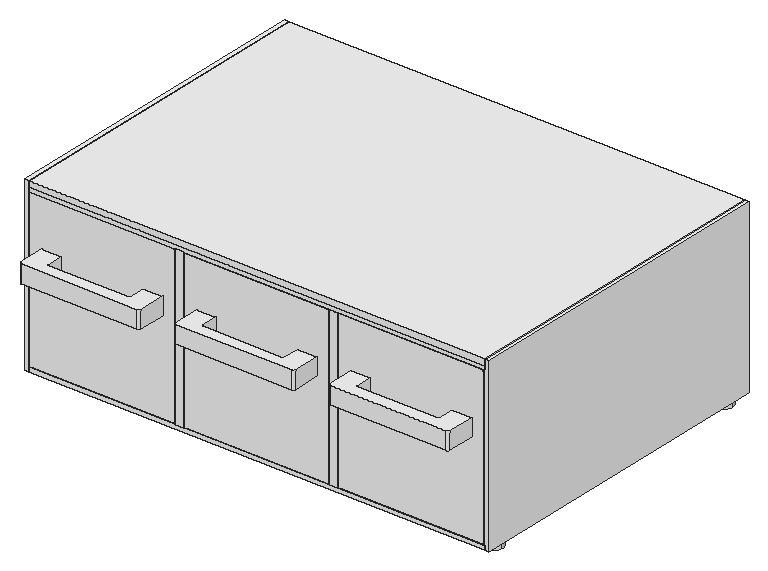
Revit family "QF_Vollrath_SBB33", category Specialty Equipment, Revit 2016
Family settings
  Part Type = Normal
  Round Connector Dimension = Use Diameter
  OmniClass Number = 23.40.40.00
  OmniClass Title = Food Service Equipment and Furnishings
  Work Plane-Based = Yes
  Always vertical = Yes
  Cut with Voids When Loaded = No
  Shared = No
  Room Calculation Point = No
Parameters
  Width = 20"
  Weight in Pounds = 0
  Watermarked By = ""
  URL Cutsheet = ""
  Specification by User [instance] = ""
  Specification by Manufacturer [instance] = ""
  Serial Number [instance] = ""
  Revision Code [instance] = ""
  NAFEM Spec ID Number [instance] = ""
  Model = "SBB33"
  Masterspec [instance] = ""
  Manufacturer = "Vollrath"
  Item Number [instance] = "-"
  Installed By [instance] = ""
  Height = 7 3/8"
  Furnished By [instance] = ""
  Foodservice Equipment Identifier = yes
  Description = "Full Size Case with 3 Drawers"
  Depth = 14"
  Default Elevation = 48"
  CSI MasterFormat = ""
Reference planes (in)
  plane 1 "BACK": y = 0
  plane 2 "BOTTOM": z = 0
  plane 3 "LEFT": x = -16.56573
  plane 4 "Center Left": x = -9.89906
  plane 5 "Front Inner": y = -14
  plane 6 "FRONT": y = -15.2462
  plane 7 "Bottom of Body": z = 0.38
  plane 8 "TOP": z = 7.755
  plane 9: z = 5.305
  plane 10 "Bottom Handle": z = 4.555
  plane 11 "Caster Left": x = -16.00573
  plane 12 "Caster Back": y = -0.56
  plane 13 "Caster Front": y = -13
  plane 14: x = -3.23239
  plane 15: x = 3.43427
  plane 16: x = 2.87177
Forms (in)
  Extrusion 1, solid, material "QF_Plastic-White-Transparent"
    sketch origin (0, 0, 0) x (1, 0, 0) y (0, 0, 1)
      loop
        line (-16.56573, 7.755) -> (-16.56573, 0.38) -> (-16.39573, 0.38) -> (-16.39573, 7.755) -> (-16.56573, 7.755)
    from 0 to 14
  Extrusion 2, solid, material "QF_Plastic-White-Transparent"
    sketch origin (0, 0, 0) x (1, 0, 0) y (0, 0, 1)
      loop
        line (3.43427, 7.755) -> (3.26427, 7.755) -> (3.26427, 0.38) -> (3.43427, 0.38) -> (3.43427, 7.755)
    from 0 to 14
  Extrusion 3, solid, material "QF_Plastic-White-Transparent"
    sketch origin (0, 0, 0) x (1, 0, 0) y (0, 0, 1)
      loop
        line (-16.39573, 0.38) -> (3.26427, 0.38) -> (3.26427, 0.55) -> (-16.39573, 0.55) -> (-16.39573, 0.38)
    from 0 to 14
  Extrusion 4, solid, material "QF_Plastic-White-Transparent"
    sketch origin (0, 0, 0) x (1, 0, 0) y (0, 0, 1)
      loop
        line (-16.39573, 7.755) -> (-16.39573, 7.505) -> (3.26427, 7.505) -> (3.26427, 7.755) -> (-16.39573, 7.755)
    from 0 to 14
  Extrusion 5, solid, material "QF_Plastic-White-Transparent"
    sketch origin (0, 0, 0) x (1, 0, 0) y (0, 0, 1)
      loop
        line (-16.39573, 7.505) -> (-16.39573, 7.335) -> (3.26427, 7.335) -> (3.26427, 7.505) -> (-16.39573, 7.505)
    from 0 to 14
  Extrusion 6, solid, material "QF_Plastic-White-Transparent"
    sketch origin (0, 0, 0) x (1, 0, 0) y (0, 0, 1)
      loop
        line (3.26427, 7.335) -> (-16.39573, 7.335) -> (-16.39573, 0.55) -> (3.26427, 0.55) -> (3.26427, 7.335)
    from 0 to 0.17
  Extrusion 7, solid, material "QF_Plastic-White-Transparent"
    sketch origin (0, -14, 0) x (1, 0, 0) y (0, 0, 1)
      loop
        arc (-10.14884, 0.57992) -> (-10.12674, 0.58907) -> (-10.11759, 0.61117) r 0.03125
        line (-10.11759, 0.61117) -> (-10.11759, 7.27442)
        arc (-10.11759, 7.27442) -> (-10.12674, 7.29651) -> (-10.14884, 7.30567) r 0.03125
        line (-10.14884, 7.30567) -> (-16.31585, 7.30567)
        arc (-16.31585, 7.30567) -> (-16.33812, 7.29644) -> (-16.34734, 7.27417) r 0.03149
        line (-16.34734, 7.27417) -> (-16.34734, 0.61135)
        arc (-16.34734, 0.61135) -> (-16.33814, 0.58912) -> (-16.31591, 0.57992) r 0.03143
        line (-16.31591, 0.57992) -> (-10.14884, 0.57992)
      loop
        line (-9.64928, 0.57992) -> (-3.4822, 0.57992)
        arc (-3.4822, 0.57992) -> (-3.45998, 0.58912) -> (-3.45077, 0.61135) r 0.03143
        line (-3.45077, 0.61135) -> (-3.45077, 7.27417)
        arc (-3.45077, 7.27417) -> (-3.46, 7.29644) -> (-3.48227, 7.30567) r 0.03149
        line (-3.48227, 7.30567) -> (-9.64928, 7.30567)
        arc (-9.64928, 7.30567) -> (-9.67138, 7.29651) -> (-9.68053, 7.27442) r 0.03125
        line (-9.68053, 7.27442) -> (-9.68053, 0.61117)
        arc (-9.68053, 0.61117) -> (-9.67138, 0.58907) -> (-9.64928, 0.57992) r 0.03125
      loop
        arc (3.1845, 0.57992) -> (3.20659, 0.58907) -> (3.21575, 0.61117) r 0.03125
        line (3.21575, 0.61117) -> (3.21575, 7.27442)
        arc (3.21575, 7.27442) -> (3.20659, 7.29651) -> (3.1845, 7.30567) r 0.03125
        line (3.1845, 7.30567) -> (-2.98252, 7.30567)
        arc (-2.98252, 7.30567) -> (-3.00479, 7.29644) -> (-3.01401, 7.27417) r 0.03149
        line (-3.01401, 7.27417) -> (-3.01401, 0.61135)
        arc (-3.01401, 0.61135) -> (-3.00481, 0.58912) -> (-2.98258, 0.57992) r 0.03143
        line (-2.98258, 0.57992) -> (3.1845, 0.57992)
    from 0 to -0.17
  Extrusion 8, solid, material "QF_Plastic-White-Transparent"
    sketch origin (0, -14, 0) x (1, 0, 0) y (0, 0, 1)
      loop
        line (-16.34734, 4.175) -> (-16.34734, 0.61)
        arc (-16.34734, 0.61) -> (-16.33856, 0.58879) -> (-16.31734, 0.58) r 0.03
        line (-16.31734, 0.58) -> (-10.14759, 0.58)
        arc (-10.14759, 0.58) -> (-10.12637, 0.58879) -> (-10.11759, 0.61) r 0.03
        line (-10.11759, 0.61) -> (-10.11759, 4.175) -> (-10.26906, 4.175) -> (-10.26906, 0.75) -> (-16.19573, 0.75) -> (-16.19573, 4.175) -> (-16.34734, 4.175)
      loop
        line (-3.45077, 4.175) -> (-3.60239, 4.175) -> (-3.60239, 0.75) -> (-9.52906, 0.75) -> (-9.52906, 4.175) -> (-9.68053, 4.175) -> (-9.68053, 0.61)
        arc (-9.68053, 0.61) -> (-9.67174, 0.58879) -> (-9.65053, 0.58) r 0.03
        line (-9.65053, 0.58) -> (-3.48077, 0.58)
        arc (-3.48077, 0.58) -> (-3.45956, 0.58879) -> (-3.45077, 0.61) r 0.03
        line (-3.45077, 0.61) -> (-3.45077, 4.175)
      loop
        line (-3.01401, 4.175) -> (-3.01401, 0.61)
        arc (-3.01401, 0.61) -> (-3.00522, 0.58879) -> (-2.98401, 0.58) r 0.03
        line (-2.98401, 0.58) -> (3.18575, 0.58)
        arc (3.18575, 0.58) -> (3.20696, 0.58879) -> (3.21575, 0.61) r 0.03
        line (3.21575, 0.61) -> (3.21575, 4.175) -> (3.06427, 4.175) -> (3.06427, 0.75) -> (-2.86239, 0.75) -> (-2.86239, 4.175) -> (-3.01401, 4.175)
    from -0.17 to -13.44
  Extrusion 9, solid, material "QF_Plastic-White-Transparent"
    sketch origin (0, -0.56, 0) x (1, 0, 0) y (0, 0, 1)
      loop
        line (-10.11759, 4.555) -> (-16.34734, 4.555) -> (-16.34734, 0.61)
        arc (-16.34734, 0.61) -> (-16.33856, 0.58879) -> (-16.31734, 0.58) r 0.03
        line (-16.31734, 0.58) -> (-10.14759, 0.58)
        arc (-10.14759, 0.58) -> (-10.12637, 0.58879) -> (-10.11759, 0.61) r 0.03
        line (-10.11759, 0.61) -> (-10.11759, 4.555)
      loop
        line (-9.68053, 4.555) -> (-9.68053, 0.61)
        arc (-9.68053, 0.61) -> (-9.67174, 0.58879) -> (-9.65053, 0.58) r 0.03
        line (-9.65053, 0.58) -> (-3.48077, 0.58)
        arc (-3.48077, 0.58) -> (-3.45956, 0.58879) -> (-3.45077, 0.61) r 0.03
        line (-3.45077, 0.61) -> (-3.45077, 4.555) -> (-9.68053, 4.555)
      loop
        line (3.21575, 4.555) -> (-3.01401, 4.555) -> (-3.01401, 0.61)
        arc (-3.01401, 0.61) -> (-3.00522, 0.58879) -> (-2.98401, 0.58) r 0.03
        line (-2.98401, 0.58) -> (3.18575, 0.58)
        arc (3.18575, 0.58) -> (3.20696, 0.58879) -> (3.21575, 0.61) r 0.03
        line (3.21575, 0.61) -> (3.21575, 4.555)
    from 0 to -0.17
  Extrusion 10, solid, material "QF_Plastic-White-Transparent"
    sketch origin (0, 0, 4.555) x (0, 1, 0) y (-1, 0, 0)
      loop
        line (-14, 15.82573) -> (-15.1462, 15.82573)
        arc (-15.1462, 15.82573) -> (-15.21691, 15.79644) -> (-15.2462, 15.72573) r 0.1
        line (-15.2462, 15.72573) -> (-15.2462, 10.73906)
        arc (-15.2462, 10.73906) -> (-15.21691, 10.66835) -> (-15.1462, 10.63906) r 0.1
        line (-15.1462, 10.63906) -> (-14, 10.63906) -> (-14, 11.45906) -> (-14.6862, 11.45906)
        arc (-14.6862, 11.45906) -> (-14.72156, 11.4737) -> (-14.7362, 11.50906) r 0.05
        line (-14.7362, 11.50906) -> (-14.7362, 14.95573)
        arc (-14.7362, 14.95573) -> (-14.72156, 14.99108) -> (-14.6862, 15.00573) r 0.05
        line (-14.6862, 15.00573) -> (-14, 15.00573) -> (-14, 15.82573)
      loop
        line (-14, 3.97239) -> (-14, 4.79239) -> (-14.6862, 4.79239)
        arc (-14.6862, 4.79239) -> (-14.72156, 4.80704) -> (-14.7362, 4.84239) r 0.05
        line (-14.7362, 4.84239) -> (-14.7362, 8.28906)
        arc (-14.7362, 8.28906) -> (-14.72156, 8.32441) -> (-14.6862, 8.33906) r 0.05
        line (-14.6862, 8.33906) -> (-14, 8.33906) -> (-14, 9.15906) -> (-15.1462, 9.15906)
        arc (-15.1462, 9.15906) -> (-15.21691, 9.12977) -> (-15.2462, 9.05906) r 0.1
        line (-15.2462, 9.05906) -> (-15.2462, 4.07239)
        arc (-15.2462, 4.07239) -> (-15.21691, 4.00168) -> (-15.1462, 3.97239) r 0.1
        line (-15.1462, 3.97239) -> (-14, 3.97239)
      loop
        line (-14, 2.49239) -> (-15.1462, 2.49239)
        arc (-15.1462, 2.49239) -> (-15.21691, 2.4631) -> (-15.2462, 2.39239) r 0.1
        line (-15.2462, 2.39239) -> (-15.2462, -2.59427)
        arc (-15.2462, -2.59427) -> (-15.21691, -2.66499) -> (-15.1462, -2.69427) r 0.1
        line (-15.1462, -2.69427) -> (-14, -2.69427) -> (-14, -1.87427) -> (-14.6862, -1.87427)
        arc (-14.6862, -1.87427) -> (-14.72156, -1.85963) -> (-14.7362, -1.82427) r 0.05
        line (-14.7362, -1.82427) -> (-14.7362, 1.62239)
        arc (-14.7362, 1.62239) -> (-14.72156, 1.65775) -> (-14.6862, 1.67239) r 0.05
        line (-14.6862, 1.67239) -> (-14, 1.67239) -> (-14, 2.49239)
    from 0 to 0.75
  Blend 11, solid, material "QF_Plastic-White-Transparent"
    base sketch origin (0, 0, 0) x (1, 0, 0) y (0, 1, 0)
      loop
        circle (-16.00573, -0.56) r 0.35
    top sketch origin (0, 0, 0) x (1, 0, 0) y (0, 1, 0)
      loop
        circle (-16.00573, -0.56) r 0.38
    from 0 to 0.38
  Blend 12, solid, material "QF_Plastic-White-Transparent"
    base sketch origin (0, 0, 0) x (1, 0, 0) y (0, 1, 0)
      loop
        circle (2.87177, -0.56) r 0.35
    top sketch origin (0, 0, 0) x (1, 0, 0) y (0, 1, 0)
      loop
        circle (2.87177, -0.56) r 0.38
    from 0 to 0.38
  Blend 13, solid, material "QF_Plastic-White-Transparent"
    base sketch origin (0, 0, 0) x (1, 0, 0) y (0, 1, 0)
      loop
        circle (-16.00573, -13) r 0.35
    top sketch origin (0, 0, 0) x (1, 0, 0) y (0, 1, 0)
      loop
        circle (-16.00573, -13) r 0.38
    from 0 to 0.38
  Blend 14, solid, material "QF_Plastic-White-Transparent"
    base sketch origin (0, 0, 0) x (1, 0, 0) y (0, 1, 0)
      loop
        circle (2.87177, -13) r 0.35
    top sketch origin (0, 0, 0) x (1, 0, 0) y (0, 1, 0)
      loop
        circle (2.87177, -13) r 0.38
    from 0 to 0.38
  Extrusion 15, solid, material "QF_Plastic-White-Transparent"
    sketch origin (0, -14, 0) x (1, 0, 0) y (0, 0, 1)
      loop
        line (-9.72718, 7.335) -> (-10.07093, 7.335) -> (-10.07093, 0.55) -> (-9.72718, 0.55) -> (-9.72718, 7.335)
      loop
        line (-3.40427, 7.335) -> (-3.40427, 0.55) -> (-3.06052, 0.55) -> (-3.06052, 7.335) -> (-3.40427, 7.335)
    from 0 to -13.83
Lines and regions (in)
  symbolic lines
    curve 1: line (-16.56573, 0, 0) -> (3.43427, 0, 0)
    curve 2: line (-16.56573, -14, 0) -> (-16.56573, 0, 0)
    curve 3: line (3.43427, -14, 0) -> (-16.56573, -14, 0)
    curve 4: line (3.43427, 0, 0) -> (3.43427, -14, 0)
    curve 5: line (-15.72573, -15.2462, 0) -> (-10.73906, -15.2462, 0)
    curve 6: line (-11.50906, -14.7362, 0) -> (-14.95573, -14.7362, 0)
    curve 7: line (-15.00573, -14.6862, 0) -> (-15.00573, -14, 0)
    curve 8: arc (-14.95573, -14.7362, 0) -> (-14.99108, -14.72156, 0) -> (-15.00573, -14.6862, 0) r 0.05
    curve 9: arc (-11.45906, -14.6862, 0) -> (-11.4737, -14.72156, 0) -> (-11.50906, -14.7362, 0) r 0.05
    curve 10: line (-11.45906, -14, 0) -> (-11.45906, -14.6862, 0)
    curve 11: arc (-15.82573, -15.1462, 0) -> (-15.79644, -15.21691, 0) -> (-15.72573, -15.2462, 0) r 0.1
    curve 12: line (-15.82573, -14, 0) -> (-15.82573, -15.1462, 0)
    curve 13: line (-10.63906, -15.1462, 0) -> (-10.63906, -14, 0)
    curve 14: arc (-10.73906, -15.2462, 0) -> (-10.66835, -15.21691, 0) -> (-10.63906, -15.1462, 0) r 0.1
    curve 15: line (-9.15906, -14, 0) -> (-9.15906, -15.1462, 0)
    curve 16: arc (-9.15906, -15.1462, 0) -> (-9.12977, -15.21691, 0) -> (-9.05906, -15.2462, 0) r 0.1
    curve 17: line (-9.05906, -15.2462, 0) -> (-4.07239, -15.2462, 0)
    curve 18: arc (-4.07239, -15.2462, 0) -> (-4.00168, -15.21691, 0) -> (-3.97239, -15.1462, 0) r 0.1
    curve 19: line (-3.97239, -15.1462, 0) -> (-3.97239, -14, 0)
    curve 20: line (-4.79239, -14, 0) -> (-4.79239, -14.6862, 0)
    curve 21: arc (-4.79239, -14.6862, 0) -> (-4.80704, -14.72156, 0) -> (-4.84239, -14.7362, 0) r 0.05
    curve 22: line (-4.84239, -14.7362, 0) -> (-8.28906, -14.7362, 0)
    curve 23: arc (-8.28906, -14.7362, 0) -> (-8.32441, -14.72156, 0) -> (-8.33906, -14.6862, 0) r 0.05
    curve 24: line (-8.33906, -14.6862, 0) -> (-8.33906, -14, 0)
    curve 25: line (-2.49239, -14, 0) -> (-2.49239, -15.1462, 0)
    curve 26: arc (-2.49239, -15.1462, 0) -> (-2.4631, -15.21691, 0) -> (-2.39239, -15.2462, 0) r 0.1
    curve 27: line (-2.39239, -15.2462, 0) -> (2.59427, -15.2462, 0)
    curve 28: arc (2.59427, -15.2462, 0) -> (2.66499, -15.21691, 0) -> (2.69427, -15.1462, 0) r 0.1
    curve 29: line (2.69427, -15.1462, 0) -> (2.69427, -14, 0)
    curve 30: line (1.87427, -14, 0) -> (1.87427, -14.6862, 0)
    curve 31: arc (1.87427, -14.6862, 0) -> (1.85963, -14.72156, 0) -> (1.82427, -14.7362, 0) r 0.05
    curve 32: line (1.82427, -14.7362, 0) -> (-1.62239, -14.7362, 0)
    curve 33: arc (-1.62239, -14.7362, 0) -> (-1.65775, -14.72156, 0) -> (-1.67239, -14.6862, 0) r 0.05
    curve 34: line (-1.67239, -14.6862, 0) -> (-1.67239, -14, 0)
Dimensions and locks (in)
  "Depth": plane 5 "Front Inner" to plane 1 "BACK"
  locked: plane 6 "FRONT" to plane 5 "Front Inner" at 1.2462
  locked: plane 7 "Bottom of Body" to plane 2 "BOTTOM" at 0.38
  "Height": plane 8 "TOP" to plane 7 "Bottom of Body"
  locked: plane 8 "TOP" to plane 9 at 2.45
  locked: plane 9 to plane 10 "Bottom Handle" at 0.75
  locked: plane 3 "LEFT" to plane 11 "Caster Left" at 0.56
  locked: plane 12 "Caster Back" to plane 1 "BACK" at 0.56
  locked: plane 5 "Front Inner" to plane 13 "Caster Front" at 1
  locked: plane 3 "LEFT" to Extrusion 1 sketch curve at 0.17
  locked: Extrusion 3 sketch curve to plane 7 "Bottom of Body" at 0.17
  locked: plane 8 "TOP" to Extrusion 5 sketch curve at 0.42
  locked: plane 8 "TOP" to Extrusion 5 sketch curve at 0.25
  plane 3 "LEFT" to plane 15 = 20"
  locked: plane 16 to plane 15 at 0.5625
  equal spacing: plane 3 "LEFT", plane 4 "Center Left", plane 14, plane 15
  locked: Extrusion 2 sketch curve to plane 15 at 0.17
  aligned and locked: level to plane 2 "BOTTOM"
  aligned and locked: Extrusion 1 sketch curve to plane 3 "LEFT"
  aligned and locked: plane 8 "TOP" to Extrusion 1 sketch curve
  aligned and locked: Extrusion 1 sketch curve to plane 7 "Bottom of Body"
  aligned and locked: Extrusion 2 sketch curve to plane 7 "Bottom of Body"
  aligned and locked: plane 8 "TOP" to Extrusion 2 sketch curve
  aligned and locked: plane 5 "Front Inner" to Extrusion 1
  aligned and locked: plane 5 "Front Inner" to Extrusion 2
  aligned and locked: Extrusion 3 sketch curve to plane 7 "Bottom of Body"
  aligned and locked: Extrusion 3 sketch curve to Extrusion 1
  aligned and locked: Extrusion 4 sketch curve to plane 8 "TOP"
  aligned and locked: Extrusion 1 to Extrusion 4 sketch curve
  aligned and locked: Extrusion 1 to Extrusion 5 sketch curve
  aligned and locked: plane 5 "Front Inner" to Extrusion 4
  aligned and locked: plane 5 "Front Inner" to Extrusion 5
  aligned and locked: plane 5 "Front Inner" to Extrusion 3
  aligned and locked: Extrusion 6 sketch curve to Extrusion 5
  aligned and locked: Extrusion 6 sketch curve to Extrusion 3  (x2)
  aligned and locked: Extrusion 9 sketch curve to plane 10 "Bottom Handle"
  aligned and locked: plane 5 "Front Inner" to Extrusion 10 sketch curve  (x2)
  aligned and locked: Extrusion 10 sketch curve to plane 6 "FRONT"
  aligned and locked: plane 9 to Extrusion 10
  aligned and locked: plane 7 "Bottom of Body" to Blend 11
  aligned and locked: plane 7 "Bottom of Body" to Blend 12
  aligned and locked: plane 7 "Bottom of Body" to Blend 13
  aligned and locked: plane 7 "Bottom of Body" to Blend 14
  aligned and locked: curve 1 to Extrusion 1
  aligned and locked: curve 2 to Extrusion 1
  aligned and locked: curve 3 to Extrusion 2
  aligned and locked: curve 5 to Extrusion 10
  aligned and locked: curve 6 to Extrusion 10
  aligned and locked: curve 7 to Extrusion 10
  aligned and locked: curve 10 to Extrusion 10
  aligned and locked: curve 12 to Extrusion 10
  aligned and locked: curve 13 to Extrusion 10
  aligned and locked: Extrusion 15 sketch curve to Extrusion 3
  aligned and locked: Extrusion 5 to Extrusion 15 sketch curve
  aligned and locked: Extrusion 15 to Extrusion 6
  aligned and locked: curve 15 to Extrusion 10
  aligned and locked: curve 17 to Extrusion 10
  aligned and locked: curve 19 to Extrusion 10
  aligned and locked: curve 20 to Extrusion 10
  aligned and locked: curve 22 to Extrusion 10
  aligned and locked: curve 24 to Extrusion 10
  aligned and locked: Extrusion 5 sketch curve to Extrusion 2
  aligned and locked: Extrusion 3 sketch curve to Extrusion 2
  aligned and locked: curve 4 to plane 15
Automatic sketch dimensions
  Extrusion 4 sketch curve to Extrusion 4 sketch curve = 1/4"
  Blend 11 sketch curve to plane 11 "Caster Left" = 0"  (x2)
  plane 12 "Caster Back" to Blend 11 sketch curve = 0"  (x2)
  plane 12 "Caster Back" to Blend 12 sketch curve = 0"  (x2)
  Blend 13 sketch curve to plane 11 "Caster Left" = 0"  (x2)
  plane 13 "Caster Front" to Blend 13 sketch curve = 0"  (x2)
  plane 13 "Caster Front" to Blend 14 sketch curve = 0"  (x2)
  plane 14 to Extrusion 4 sketch curve = 6.49667"
  plane 14 to Blend 12 sketch curve = 6.10417"  (x2)
  plane 14 to Blend 14 sketch curve = 6.10417"  (x2)
  Extrusion 2 sketch curve to Extrusion 2 sketch curve = 0.17"
  Extrusion 6 sketch curve to plane 15 = 0.17"
  Extrusion 15 sketch curve to plane 4 "Center Left" = 11/64"
  plane 4 "Center Left" to Extrusion 15 sketch curve = 11/64"
  Extrusion 15 sketch curve to plane 14 = 11/64"
  plane 14 to Extrusion 15 sketch curve = 11/64"
  plane 7 "Bottom of Body" to Extrusion 15 sketch curve = 0.17"
  Extrusion 15 sketch curve to plane 8 "TOP" = 0.42"
  plane 3 "LEFT" to Extrusion 7 sketch curve = 0.21838"
  Extrusion 7 sketch curve to Extrusion 7 sketch curve = 0.03143"  (x2)
  Extrusion 7 sketch curve to Extrusion 7 sketch curve = 0.03149"  (x3)
  Extrusion 7 sketch curve to plane 4 "Center Left" = 0.24978"  (x2)
  Extrusion 7 sketch curve to Extrusion 7 sketch curve = 1/32"  (x4)
  plane 4 "Center Left" to Extrusion 7 sketch curve = 0.21853"
  Extrusion 7 sketch curve to plane 14 = 0.24988"
  Extrusion 7 sketch curve to plane 14 = 0.24981"
  plane 14 to Extrusion 7 sketch curve = 0.21838"
  Extrusion 7 sketch curve to plane 15 = 0.24978"  (x2)
  plane 7 "Bottom of Body" to Extrusion 7 sketch curve = 0.19992"  (x3)
  Extrusion 7 sketch curve to plane 8 "TOP" = 0.48083"  (x2)
  Extrusion 7 sketch curve to Extrusion 7 sketch curve = 0"
  plane 3 "LEFT" to Extrusion 8 sketch curve = 0.21838"
  Extrusion 8 sketch curve to Extrusion 8 sketch curve = 0.03"  (x5)
  Extrusion 8 sketch curve to Extrusion 8 sketch curve = 0.15162"  (x2)
  Extrusion 8 sketch curve to plane 4 "Center Left" = 0.37"
  Extrusion 8 sketch curve to Extrusion 8 sketch curve = 0.12147"  (x3)
  plane 4 "Center Left" to Extrusion 8 sketch curve = 0.21853"
  Extrusion 8 sketch curve to plane 14 = 0.37"
  Extrusion 8 sketch curve to Extrusion 8 sketch curve = 0.12162"  (x2)
  plane 14 to Extrusion 8 sketch curve = 0.21838"
  plane 16 to Extrusion 8 sketch curve = 0.1925"
  plane 7 "Bottom of Body" to Extrusion 8 sketch curve = 0.2"  (x3)
  Extrusion 8 sketch curve to Extrusion 8 sketch curve = 0.14"  (x3)
  Extrusion 8 sketch curve to plane 10 "Bottom Handle" = 0.38"  (x6)
  Extrusion 9 sketch curve to plane 10 "Bottom Handle" = 0"  (x2)
  plane 3 "LEFT" to Extrusion 9 sketch curve = 0.21838"
  Extrusion 9 sketch curve to Extrusion 9 sketch curve = 0.03"  (x4)
  Extrusion 9 sketch curve to plane 4 "Center Left" = 0.24853"
  Extrusion 9 sketch curve to plane 4 "Center Left" = 0.21853"
  plane 4 "Center Left" to Extrusion 9 sketch curve = 0.21853"
  Extrusion 9 sketch curve to plane 14 = 0.24838"
  Extrusion 9 sketch curve to plane 14 = 0.21838"
  plane 14 to Extrusion 9 sketch curve = 0.21838"
  Extrusion 9 sketch curve to plane 15 = 0.24853"
  plane 7 "Bottom of Body" to Extrusion 9 sketch curve = 0.23"  (x3)
  plane 6 "FRONT" to Extrusion 10 sketch curve = 0"  (x2)
  plane 5 "Front Inner" to Extrusion 10 sketch curve = 0"  (x4)
  Extrusion 10 sketch curve to plane 6 "FRONT" = 0.1"  (x6)
  Extrusion 10 sketch curve to plane 6 "FRONT" = 0.51"  (x3)
  Extrusion 10 sketch curve to Extrusion 10 sketch curve = 0.05"  (x6)
  Extrusion 10 sketch curve to plane 16 = 0.1775"
  Extrusion 10 sketch curve to Extrusion 10 sketch curve = 0.82"  (x3)
  plane 14 to Extrusion 10 sketch curve = 1.61"
  plane 14 to Extrusion 10 sketch curve = 0.84"
  Extrusion 10 sketch curve to plane 14 = 0.74"
  plane 4 "Center Left" to Extrusion 10 sketch curve = 1.61"
  plane 4 "Center Left" to Extrusion 10 sketch curve = 0.84"
  Extrusion 10 sketch curve to plane 4 "Center Left" = 0.74"
  plane 11 "Caster Left" to Extrusion 10 sketch curve = 1.05"
  plane 11 "Caster Left" to Extrusion 10 sketch curve = 0.28"
  curve 11 to curve 5 = 0.1"
  curve 7 to curve 8 = 0.05"
  curve 6 to curve 9 = 0.05"
  curve 5 to curve 13 = 0.1"
  curve 16 to plane 6 "FRONT" = 0.1"
  curve 23 to curve 22 = 0.05"
  curve 22 to curve 20 = 0.05"
  curve 18 to plane 6 "FRONT" = 0.1"
  plane 14 to curve 25 = 0.74"
  curve 25 to plane 6 "FRONT" = 0.1"
  plane 6 "FRONT" to curve 26 = 0"
  curve 27 to plane 16 = 0.2775"
  curve 28 to plane 6 "FRONT" = 0.1"
  curve 30 to curve 28 = 0.72"
  curve 30 to plane 6 "FRONT" = 0.56"
  curve 31 to curve 30 = 0.05"
  curve 26 to curve 32 = 0.77"
  curve 32 to curve 33 = 0.05"
  radius of Blend 11 sketch curve = 0.35"
  radius of Blend 11 sketch curve = 0.38"
  radius of Blend 12 sketch curve = 0.35"
  radius of Blend 12 sketch curve = 0.38"
  radius of Blend 13 sketch curve = 0.35"
  radius of Blend 13 sketch curve = 0.38"
  radius of Blend 14 sketch curve = 0.35"
  radius of Blend 14 sketch curve = 0.38"
